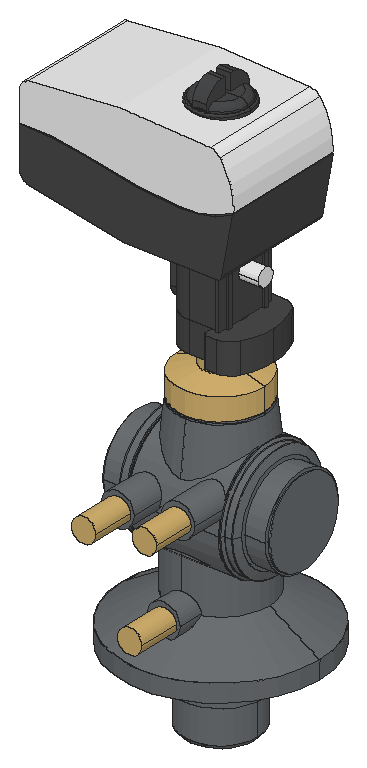
Revit family "AB-QM Novocon_DN40-100_Novocon M_RFA_1", category Pipe Accessories, Revit 2019 (continued)
Definition of nested family "Schematic_PICV_Actuator_Flange"
  Lines and regions (mm)
    symbolic lines
      curve 21: spline (-90, -190, 0) -> (-86.933, -205.529, 0) -> (-77.942, -220, 0) -> (-63.64, -232.426, 0) -> (-45, -241.962, 0) -> (-23.294, -247.956, 0) -> (0, -250, 0) -> (23.294, -247.956, 0) -> (45, -241.962, 0) -> (63.64, -232.426, 0) -> (77.942, -220, 0) -> (86.933, -205.529, 0) -> (90, -190, 0) -> (86.933, -174.471, 0) -> (77.942, -160, 0) -> (63.64, -147.574, 0) -> (45, -138.038, 0) -> (23.294, -132.044, 0) -> (0, -130, 0) -> (-23.294, -132.044, 0) -> (-45, -138.038, 0) -> (-63.64, -147.574, 0) -> (-77.942, -160, 0) -> (-86.933, -174.471, 0) -> (-90, -190, 0)
      curve 22: line (90, -190, 0) -> (-90, -190, 0)
      curve 23: line (90, 300, 0) -> (-90, 300, 0)
      curve 24: line (-90, 300, 0) -> (-90, 120, 0)
      curve 25: line (-90, 120, 0) -> (90, 120, 0)
      curve 26: line (90, 120, 0) -> (90, 300, 0)
      curve 29: line (-150, 75, 0) -> (-150, -75, 0)
      curve 30: line (150, 75, 0) -> (150, -75, 0)
  Dimensions and locks
    equal spacing: plane 4, plane 3 "Center (Left/Right)", plane 5
    "D": plane 6 to plane 7
    equal spacing: plane 6, level, plane 7
    equal spacing: plane 9, plane 3 "Center (Left/Right)", plane 10
    "D": plane 12 to plane 11
    equal spacing: plane 12, plane 1 "Center (Front/Back)", plane 11
    "H1": plane 1 "Center (Front/Back)" to plane 13
    "H2": plane 14 to plane 1 "Center (Front/Back)"
    "H1": plane 8 to level
    "H2": level to plane 15
    "H4": plane 16 to plane 15
    "H4": plane 14 to plane 17
    equal spacing: plane 18, plane 16, plane 15
    equal spacing: plane 14, plane 17, plane 19
    "L_1": plane 4 to plane 5
    "L_1": plane 8 to plane 20
    "L_1": plane 21 to plane 13
    "L1": plane 10 to plane 22
    "L1": plane 23 to plane 9
    "L": plane 23 to plane 22
    aligned and locked: level to plane 2
    aligned and locked: plane 18 to curve 8
    aligned and locked: plane 15 to curve 8
    aligned and locked: plane 4 to curve 8
    aligned and locked: plane 5 to curve 8
    aligned and locked: plane 5 to curve 10
    aligned and locked: plane 4 to curve 10
    aligned and locked: curve 27 to plane 22
    aligned and locked: curve 28 to plane 23
    aligned and locked: plane 3 "Center (Left/Right)" to curve 21
    aligned and locked: plane 19 to curve 21
    aligned and locked: curve 29 to plane 22
    aligned and locked: curve 15 to plane 10
    aligned and locked: curve 30 to plane 23
    aligned and locked: curve 14 to plane 9
    aligned and locked: curve 20 to plane 3 "Center (Left/Right)"
    aligned and locked: curve 24 to plane 5
    aligned and locked: plane 4 to curve 26
    aligned and locked: plane 21 to curve 25
    aligned and locked: curve 23 to plane 13
    aligned and locked: plane 17 to curve 21
    aligned and locked: plane 5 to curve 21
  Automatic sketch dimensions
    curve 27 to plane 7 = 0 mm
    curve 4 to plane 7 = 0 mm
    curve 4 to plane 10 = 0 mm
    curve 7 to level = 0 mm
    curve 7 to plane 3 "Center (Left/Right)" = 0 mm
    curve 7 to plane 7 = 0 mm
    curve 7 to plane 9 = 0 mm
    curve 28 to plane 7 = 0 mm
    curve 9 to plane 16 = 0 mm
    curve 4 to level = 0 mm
    curve 5 to level = 0 mm
    curve 3 to plane 6 = 0 mm
    curve 28 to plane 6 = 0 mm
    curve 6 to plane 6 = 0 mm
    curve 27 to plane 6 = 0 mm
    curve 12 to plane 20 = 0 mm
    curve 10 to plane 8 = 0 mm
    plane 11 to curve 29 = 0 mm
    plane 1 "Center (Front/Back)" to curve 16 = 0 mm
    curve 16 to plane 3 "Center (Left/Right)" = 0 mm
    plane 12 to curve 30 = 0 mm
    plane 17 to curve 22 = 0 mm
    plane 12 to curve 17 = 0 mm
    plane 12 to curve 14 = 0 mm
    plane 12 to curve 29 = 0 mm
    plane 11 to curve 30 = 0 mm
    plane 11 to curve 19 = 0 mm
    plane 11 to curve 16 = 0 mm
    plane 21 to curve 20 = 0 mm
Types (9, lengths in mm): name | Weight | W | TPF_W1 | TPF_H2 | TPF_H1 | TPF_H | TPF_L | TPF_L1 | TP_L | TP_H | TP_BIG | TP_50 | TP2_W | TP2_L | TP2_H | TPF_W | TP_D1 | TP2 | TP BIG_350 | TD | Stroke | Schematic_Thread | Schematic_Flange | RV3 | RV1 | RV4 | RV5 | RV6 | RT3 | RT2 | RB3 | Nominal Flow (Text) | Nominal Flow | Min Differential Pressure | L4 | RT1 | RB6 | RB2 | RB8 | RB1 | RB4 | RB7 | RB5 | RV2 | Model Type | Model | Hnovocon | Ha | H2_7 | L5 | L3 | L6 | L2 | L1 | L | H2_4 | H2_2 | H2_1 | H2_5 | H2_6 | H2_3 | H2 | H1_1 | H1_3 | H1_2 | H | DN | D | Connection
  AB-QM Novocon_DN50_Flange_003Z1772 | 14.43 kg | 131.4 | 75 | 7.5 | 7.5 | 57 | 38 | 45 | 10 | 10 | no | yes | 10 | 20 | 1 | 88 | 22 | 1 | no | 165 | "10 mm" | no | yes | 47.5 | 53.6 | 41.3 | 43 | 56 | 3 | 29 | 29.7 | "12500 l/h" | 12.5 m³/h | "30 kPa" | 11.3 | 29 | 54.4 | 24.7 | 35.5 | 22 | 40 | 65.7 | 50.8 | 82.5 | "AB-QM Novocon_DN50_Flange" | "003Z1772" | 247.5 | 282.5 | 20.5 | 11 | 6.3 | 31.6 | 18 | 3 | 230 | 5.1 | 25 | 3 | 2.6 | 11.8 | 15.6 | 141 | 40 | 6 | 23 | 388.5 | 50 | 50 | "Flange"
  AB-QM Novocon_DN65_003Z1773 | 38.60 kg | 205 | 75 | 7.5 | 7.5 | 57.2 | 38 | 45 | 106 | 90 | yes | no | 96.5 | 39.911 | 65 | 1 | 28 | 80 | yes | 185 | "15 mm" | no | yes | 59.5 | 60 | 54.3 | 55.5 | 70.8 | 3 | 37.4 | 35 | "20000 l/h" | 20.0 m³/h | "30 kPa" | 12.3 | 70 | 80 | 35 | 3 | 30 | 40 | 102.5 | 61.5 | 92.5 | "AB-QM Novocon_DN65" | "003Z1773" | 293 | 321.7 | 60 | 9.5 | 7.1 | 77 | 17 | 4.2 | 290 | 3 | 16 | 5 | 10 | 40.7 | 1 | 137 | 20 | 2.5 | 27 | 430 | 65 | 65 | "Flange"
  AB-QM Novocon_DN80_003Z1774 | 44.00 kg | 218 | 1 | 16 | 7.5 | 57.2 | 38 | 45 | 114 | 88 | yes | no | 102.7 | 40 | 63.6 | 1 | 28 | 84.8 | yes | 200 | "15 mm" | no | yes | 67.9 | 67.9 | 60.6 | 63.4 | 76.1 | 3 | 37.5 | 35 | "28000 l/h" | 28.0 m³/h | "30 kPa" | 20.4 | 75 | 82 | 35 | 3 | 30 | 38.5 | 109 | 66 | 100 | "AB-QM Novocon_DN80" | "003Z1774" | 296 | 329.7 | 30 | 9 | 7 | 76.4 | 19 | 2.9 | 310 | 12 | 6 | 6 | 10 | 40.7 | 1 | 142 | 40 | 1 | 28.7 | 438 | 80 | 80 | "Flange"
  AB-QM Novocon_DN100_003Z1775 | 57.80 kg | 248 | 1 | 16 | 7.5 | 57.2 | 38 | 45 | 125 | 102.9 | yes | no | 117 | 30 | 62.5 | 1 | 28 | 93.6 | yes | 220 | "15 mm" | no | yes | 77.4 | 72.4 | 75 | 76.4 | 85.5 | 3 | 29 | 35 | "38000 l/h" | 38.0 m³/h | "30 kPa" | 28.4 | 85 | 95 | 35 | 3 | 30 | 47.5 | 124 | 77.6 | 110 | "AB-QM Novocon_DN100" | "003Z1775" | 308 | 354.2 | 50 | 8.8 | 7 | 85.9 | 19.8 | 4.2 | 350 | 12.5 | 5.5 | 6 | 10 | 43.3 | 1 | 152 | 40 | 1 | 32.7 | 460 | 100 | 100 | "Flange"
  AB-QM Novocon_DN50_External_003Z1771 | 7.87 kg | 131.4 | 75 | 16 | 8 | 57 | 26 | 26 | 10 | 10 | no | yes | 10 | 20 | 1 | 88 | 22 | 1 | no | 75.2 | "10 mm" | yes | no | 39.6 | 36 | 45 | 47 | 49.3 | 40 | 29 | 29.7 | "12500 l/h" | 12.5 m³/h | "30 kPa" | 5.1 | 29 | 54.4 | 24.7 | 35.5 | 22 | 40 | 65.7 | 50.8 | 37.6 | "AB-QM Novocon_DN50_External" | "003Z1771" | 247.5 | 282.5 | 20.5 | 1 | 2 | 32.3 | 18 | 1.5 | 130 | 5.1 | 25 | 3 | 2.6 | 11.8 | 15.6 | 141 | 40 | 1 | 1 | 388.5 | 50 | 50 | "External thread"
  AB-QM Novocon_DN40_External_003Z1770 | 6.83 kg | 131.4 | 75 | 15 | 7.5 | 57 | 20 | 20 | 10 | 10 | no | yes | 10 | 20 | 1 | 88 | 22 | 1 | no | 59.6 | "10 mm" | yes | no | 31.8 | 28.3 | 37.5 | 39.4 | 39.4 | 34 | 29 | 29.7 | "7500 l/h" | 7.5 m³/h | "30 kPa" | 4.9 | 29 | 54.4 | 24.7 | 32.2 | 22 | 40 | 65.7 | 50.8 | 29.8 | "AB-QM Novocon_DN40_External" | "003Z1770" | 247.5 | 282.5 | 20.5 | 1.5 | 2 | 30 | 14 | 1.5 | 110 | 5.1 | 25 | 3 | 2.6 | 11.8 | 15.6 | 141 | 40 | 1 | 1 | 388.5 | 40 | 40 | "External thread"
  AB-QM Novocon_DN65HF_003Z1793 | 38.60 kg | 205 | 75 | 7.5 | 7.5 | 57.2 | 38 | 45 | 106 | 90 | yes | no | 96.5 | 39.911 | 65 | 1 | 28 | 80 | yes | 185 | "15 mm" | no | yes | 59.5 | 60 | 54.3 | 55.5 | 70.8 | 3 | 37.4 | 35 | "25000 l/h" | 25.0 m³/h | "60 kPa" | 12.3 | 70 | 80 | 35 | 3 | 30 | 40 | 102.5 | 61.5 | 92.5 | "AB-QM Novocon_DN65HF" | "003Z1793" | 293 | 321.7 | 60 | 9.5 | 7.1 | 77 | 17 | 4.2 | 290 | 3 | 16 | 5 | 10 | 40.7 | 1 | 137 | 20 | 2.5 | 27 | 430 | 65 | 65 | "Flange"
  AB-QM Novocon_DN80HF_003Z1794 | 44.00 kg | 218 | 1 | 16 | 7.5 | 57.2 | 38 | 45 | 114 | 88 | yes | no | 102.7 | 40 | 63.6 | 1 | 28 | 84.8 | yes | 200 | "15 mm" | no | yes | 67.9 | 67.9 | 60.6 | 63.4 | 76.1 | 3 | 37.5 | 35 | "40000 l/h" | 40.0 m³/h | "60 kPa" | 20.4 | 75 | 82 | 35 | 3 | 30 | 38.5 | 109 | 66 | 100 | "AB-QM Novocon_DN80HF" | "003Z1794" | 296 | 329.7 | 30 | 9 | 7 | 76.4 | 19 | 2.9 | 310 | 12 | 6 | 6 | 10 | 40.7 | 1 | 142 | 40 | 1 | 28.7 | 438 | 80 | 80 | "Flange"
  AB-QM Novocon_DN100HF_003Z1795 | 57.80 kg | 248 | 1 | 16 | 7.5 | 57.2 | 38 | 45 | 125 | 102.9 | yes | no | 117 | 30 | 62.5 | 1 | 28 | 93.6 | yes | 220 | "15 mm" | no | yes | 77.4 | 72.4 | 75 | 76.4 | 85.5 | 3 | 29 | 35 | "59000 l/h" | 59.0 m³/h | "60 kPa" | 28.4 | 85 | 95 | 35 | 3 | 30 | 47.5 | 124 | 77.6 | 110 | "AB-QM Novocon_DN100HF" | "003Z1795" | 308 | 354.2 | 50 | 8.8 | 7 | 85.9 | 19.8 | 4.2 | 350 | 12.5 | 5.5 | 6 | 10 | 43.3 | 1 | 152 | 40 | 1 | 32.7 | 460 | 100 | 100 | "Flange"
